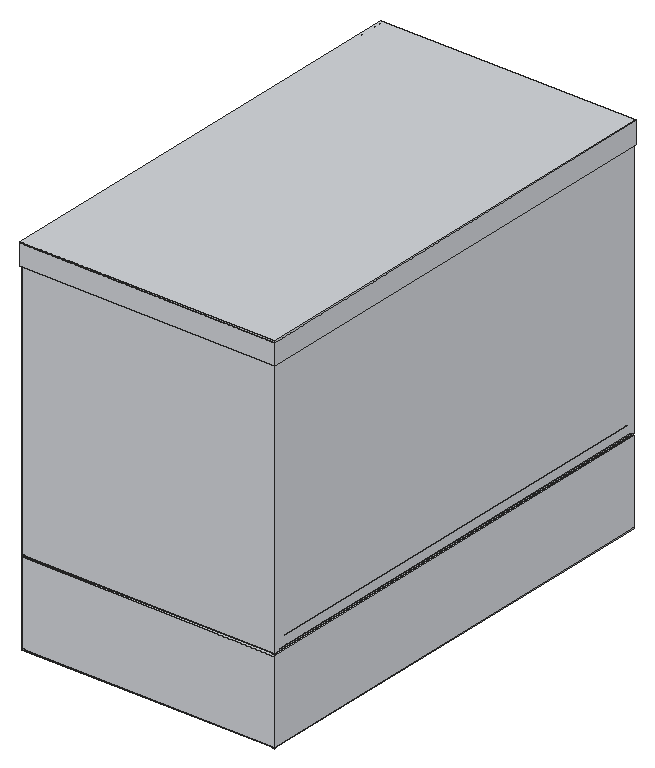
Revit family "C-SR-WTS", category Mechanical Equipment, Revit 2015
Parameters
  URL = "http://unitedenertech.com/catalog/pdf/P_93b%20C-SR-WTS.pdf"
  Type Comments = "Max. Size is (9\"w x 18\"l)"
  Track Length [instance] = Exact Length - 0' 0 3/16"  # 1' - 3 13/16"
  Model = "C-SR-WTS"
  Manufacturer = "United Enertech Corporation"
  Keynote = "Round Inlet Shown, Consult Factory if a Model with an Oval, Square, or Rectangular Inlet is Required."
  Inlet Radius [instance] = 0' - 3 1/2"
  Inlet O.D. [instance] = Inlet Radius + 0' 0 9/256"  # 0' - 3 137/256"
  Exact Width = 0' - 9"
  Exact Length = 1' - 4"
  Description = "Ceiling Radiation Damper for Wood Truss Systems (Single Blade)"
  Blade Height [instance] = Exact Width - 0' 1 1/4"  # 0' - 7 3/4"
Reference planes (in)
  plane 1 "Center (Front/Back)": y = 0
  plane 2: z = 0
  plane 3 "Center (Left/Right)": x = 0
  plane 4: x = -4.5
  plane 5: x = 4.5
  plane 6: y = -8
  plane 7: y = 8
  plane 8: z = 7.75
  plane 9: y = -7.875
  plane 10: y = 7.875
  plane 11: z = 3
  plane 12: z = 13
  plane 13: x = 4.46484
  plane 14: x = 3.45804
  plane 15: z = 3.02844
  plane 16: x = -4.5359
  plane 17: x = 4.5359
  plane 18: y = -8.0359
  plane 19: y = 8.0359
  plane 20: z = 12.25
  plane 21: z = 13.0359
  plane 22: x = -6.5
  plane 23: z = 6.875
Forms (in)
  Extrusion 1, solid
    sketch origin (0, 0, 0) x (1, 0, 0) y (0, 1, 0)
      loop
        line (-4.5, -8) -> (4.5, -8) -> (4.5, 8) -> (-4.5, 8) -> (-4.5, -8)
      loop
        line (-4.5359, -8.0359) -> (4.5359, -8.0359) -> (4.5359, 8.0359) -> (-4.5359, 8.0359) -> (-4.5359, -8.0359)
    from 12.25 to 13
  Extrusion 2, solid
    sketch origin (0, 0, 0) x (1, 0, 0) y (0, 1, 0)
      loop
        line (-4.5359, -8.0359) -> (4.5359, -8.0359) -> (4.5359, 8.0359) -> (-4.5359, 8.0359) -> (-4.5359, -8.0359)
    from 13 to 13.0359
  Extrusion 3, solid
    sketch origin (0, 0, 0) x (0, 1, 0) y (0, 0, 1)
      loop
        circle (0, 6.90344) r 3.5
      loop
        circle (0, 6.90344) r 3.53516
    from -6.5 to -4.5
Dimensions and locks (in)
  equal spacing: plane 4, plane 3 "Center (Left/Right)", plane 5
  "Exact Width": plane 4 to plane 5
  equal spacing: plane 7, plane 1 "Center (Front/Back)", plane 6
  "Exact Length": plane 7 to plane 6
  "Blade Height": plane 8 to level
  locked: plane 9 to plane 6 at 0.125
  locked: plane 10 to plane 7 at 0.125
  locked: plane 11 to level at 3
  locked: plane 12 to plane 11 at 10
  locked: plane 5 to plane 13 at 0.03516
  locked: plane 13 to plane 14 at 1.00681
  locked: plane 15 to level at 3.02844
  locked: plane 16 to plane 4 at 0.0359
  locked: plane 5 to plane 17 at 0.0359
  locked: plane 6 to plane 18 at 0.0359
  locked: plane 7 to plane 19 at 0.0359
  locked: plane 12 to plane 20 at 0.75
  locked: plane 12 to plane 21 at 0.0359
  locked: plane 22 to plane 4 at 2
  "Inlet Radius": radius of Extrusion 3 sketch curve
  "Inlet O.D.": radius of Extrusion 3 sketch curve
  aligned and locked: level to plane 2
  aligned and locked: plane 3 "Center (Left/Right)" to nested 1
  aligned and locked: plane 7 to nested 1
  aligned and locked: plane 6 to nested 2
  aligned and locked: plane 1 "Center (Front/Back)" to nested 3
  aligned and locked: plane 5 to nested 3
  aligned and locked: nested 4 to plane 1 "Center (Front/Back)"
  aligned and locked: plane 13 to nested 4
  aligned and locked: nested 5 to plane 14
  aligned and locked: nested 5 to plane 15
  aligned and locked: plane 1 "Center (Front/Back)" to nested 5
  aligned and locked: Extrusion 1 sketch curve to plane 18
  aligned and locked: Extrusion 1 sketch curve to plane 16
  aligned and locked: Extrusion 1 sketch curve to plane 17
  aligned and locked: Extrusion 1 sketch curve to plane 19
  aligned and locked: plane 7 to Extrusion 1 sketch curve
  aligned and locked: plane 4 to Extrusion 1 sketch curve
  aligned and locked: plane 5 to Extrusion 1 sketch curve
  aligned and locked: Extrusion 1 sketch curve to plane 6
  aligned and locked: Extrusion 1 to plane 12
  aligned and locked: Extrusion 1 to plane 20
  aligned and locked: Extrusion 2 sketch curve to plane 16
  aligned and locked: Extrusion 2 sketch curve to plane 18
  aligned and locked: Extrusion 2 sketch curve to plane 19
  aligned and locked: Extrusion 2 sketch curve to plane 17
  aligned and locked: plane 12 to Extrusion 2
  aligned and locked: Extrusion 2 to plane 21
  aligned and locked: nested 2 to plane 4
  aligned and locked: nested 6 to plane 1 "Center (Front/Back)"
  aligned and locked: plane 4 to nested 6
  aligned and locked: plane 22 to Extrusion 3
  aligned and locked: Extrusion 3 to plane 4
Automatic sketch dimensions
  Extrusion 3 sketch curve to Extrusion 3 sketch curve = 0' - 0"  (x2)
  Extrusion 3 sketch curve to plane 1 "Center (Front/Back)" = 0' - 0"
  Extrusion 3 sketch curve to plane 23 = 0' - 0.02844"
Nested families (in)
  nested 1: "C-SR-WTS FRAME" at (0, 5.96484, -0.25013), type "C-SR-WTS FRAME"
    with Frame Length 0' - 9"
  nested 2: "C-SR-WTS FRAME" at (0, -5.96484, -0.25013), type "C-SR-WTS FRAME"
    with Frame Length 0' - 9"
  nested 3: "C-SR-WTS1 FRAME" at (2.46484, 0, -0.25) x (0, -1, 0) z (0, 0, 1), type "C-SR-WTS1 FRAME"
    with Frame Length 1' - 4"
  nested 4: "C-SR-WTS Track" at (2.88661, 0, 3) x (0, 1, 0) z (0, 0, 1), type "C-SR-WTS Track"
    with Track Length 1' - 3 13/16"
  nested 5: "C-SR-WTS Blade" at (4.49835, 0, 3.02844), type "C-SR-WTS Blade"
    with Blade Length 1' - 3 13/16", Blade Height 0' - 7 3/4"
  nested 6: "C-SR-WTS2 FRAME" at (-2.46484, 0, -0.25013) x (0, 1, 0) z (0, 0, 1), type "C-SR-WTS2 FRAME"
    with Inlet Radius 0' - 3 1/2"
Definition of nested family "C-SR-WTS FRAME"
  Parameters (values of type "C-SR-WTS FRAME")
    Frame Length = 1' - 4"
  Reference planes (in)
    plane 1 "Center (Front/Back)": y = 0
    plane 2: z = 0
    plane 3 "Center (Left/Right)": x = 0
    plane 4: x = -8
    plane 5: x = 8
  Forms (in)
    Extrusion 1, solid
      sketch origin (0, 3.63966, -0.3957) x (0, 1, 0) y (0, 0, 1)
        loop
          line (-1.6045, 3.69103) -> (-1.6045, 13.64584) -> (-1.63966, 13.64584) -> (-1.63966, 3.68066) -> (-2.19698, 3.68799)
          arc (-2.19698, 3.68799) -> (-2.23913, 3.64584) -> (-2.19698, 3.60368) r 0.04215
          line (-2.19698, 3.60368) -> (-1.63966, 3.61061) -> (-1.63966, 0.75024) -> (-1.66408, 0.77073) -> (-1.67798, 0.6889)
          arc (-1.67798, 0.6889) -> (-1.64461, 0.64584) -> (-1.6045, 0.6827) r 0.037
          line (-1.6045, 0.6827) -> (-1.6045, 3.60065)
          arc (-1.6045, 3.60065) -> (-1.61782, 3.6326) -> (-1.64988, 3.64564) r 0.045
          arc (-1.64988, 3.64564) -> (-1.61779, 3.65894) -> (-1.6045, 3.69103) r 0.04538
      from -8 to 8
    Extrusion 2, void
      sketch origin (0, 0, 0) x (1, 0, 0) y (0, 1, 0)
        loop
          line (-8, 2.03516) -> (-8, 0) -> (-5.96484, 0) -> (-8, 2.03516)
      from 0 to 14.25715
    Extrusion 3, void
      sketch origin (0, 0, 0) x (-1, 0, 0) y (0, -1, 0)
        loop
          line (-8, -2.03516) -> (-5.96484, 0) -> (-8, 0) -> (-8, -2.03516)
      from 0 to 14.25715
  Cuts and joins
    Extrusion 2, Extrusion 3 cuts Extrusion 1
  Dimensions and locks (in)
    equal spacing: plane 4, plane 3 "Center (Left/Right)", plane 5
    "Frame Length": plane 4 to plane 5
    aligned and locked: level to plane 2
    aligned and locked: plane 4 to Extrusion 1
    aligned and locked: plane 5 to Extrusion 1
  Automatic sketch dimensions
    plane 1 "Center (Front/Back)" to Extrusion 2 sketch curve = 0' - 0"
    Extrusion 2 sketch curve to plane 4 = 0' - 0"
    Extrusion 2 sketch curve to plane 4 = 0' - 2 9/256"
    Extrusion 2 sketch curve to Extrusion 2 sketch curve = 0' - 2 9/256"
    plane 1 "Center (Front/Back)" to Extrusion 3 sketch curve = 0' - 0"
    Extrusion 3 sketch curve to plane 5 = 0' - 0"
    Extrusion 3 sketch curve to Extrusion 3 sketch curve = 0' - 2 9/256"  (x2)
    level to Extrusion 1 sketch curve = 0' - 3.20798"
    Extrusion 1 sketch curve to plane 1 "Center (Front/Back)" = 0' - 1.44268"
    level to Extrusion 1 sketch curve = 0' - 0.2932"
    Extrusion 1 sketch curve to Extrusion 1 sketch curve = 0' - 0.519"
    level to Extrusion 1 sketch curve = 0' - 0.37502"
    Extrusion 1 sketch curve to Extrusion 1 sketch curve = 0' - 0.0139"
    Extrusion 1 sketch curve to Extrusion 1 sketch curve = 0' - 0.54709"
    Extrusion 1 sketch curve to Extrusion 1 sketch curve = 0' - 0.00038"
    Extrusion 1 sketch curve to Extrusion 1 sketch curve = 0' - 0.03648"
    Extrusion 1 sketch curve to Extrusion 1 sketch curve = 0' - 0.02442"
    Extrusion 1 sketch curve to Extrusion 1 sketch curve = 0' - 0.01023"
    Extrusion 1 sketch curve to Extrusion 1 sketch curve = 0' - 0 9/256"  (x2)
    Extrusion 1 sketch curve to Extrusion 1 sketch curve = 0' - 0.02049"
    Extrusion 1 sketch curve to Extrusion 1 sketch curve = 0' - 2.82992"
    Extrusion 1 sketch curve to Extrusion 1 sketch curve = 0' - 0.00997"
    Extrusion 1 sketch curve to Extrusion 1 sketch curve = 0' - 0.04215"
    Extrusion 1 sketch curve to Extrusion 1 sketch curve = 0' - 0.01036"
    Extrusion 1 sketch curve to Extrusion 1 sketch curve = 0' - 9.95481"
Definition of nested family "C-SR-WTS1 FRAME"
  Parameters (values of type "C-SR-WTS1 FRAME")
    Frame Length = 1' - 2"
  Reference planes (in)
    plane 1 "Center (Front/Back)": y = 0
    plane 2: z = 0
    plane 3 "Center (Left/Right)": x = 0
    plane 4: x = -7
    plane 5: x = 7
  Forms (in)
    Extrusion 1, solid
      sketch origin (0, 3.63966, -0.3957) x (0, 1, 0) y (0, 0, 1)
        loop
          line (-1.6045, 3.69103) -> (-1.6045, 13.64584) -> (-1.63966, 13.64584) -> (-1.63966, 3.68066) -> (-2.19698, 3.68799)
          arc (-2.19698, 3.68799) -> (-2.23913, 3.64584) -> (-2.19698, 3.60368) r 0.04215
          line (-2.19698, 3.60368) -> (-1.63966, 3.61061) -> (-1.63966, 0.75024) -> (-1.66408, 0.77073) -> (-1.67798, 0.6889)
          arc (-1.67798, 0.6889) -> (-1.64461, 0.64584) -> (-1.6045, 0.6827) r 0.037
          line (-1.6045, 0.6827) -> (-1.6045, 3.60065)
          arc (-1.6045, 3.60065) -> (-1.61782, 3.6326) -> (-1.64988, 3.64564) r 0.045
          arc (-1.64988, 3.64564) -> (-1.61779, 3.65894) -> (-1.6045, 3.69103) r 0.04538
      from -7 to 7
    Extrusion 2, void
      sketch origin (0, 0, 0) x (1, 0, 0) y (0, 1, 0)
        loop
          line (-7, 2.03516) -> (-7, 0) -> (-4.96484, 0) -> (-7, 2.03516)
      from 0 to 14.25715
    Extrusion 3, void
      sketch origin (0, 0, 0) x (-1, 0, 0) y (0, -1, 0)
        loop
          line (-7, -2.03516) -> (-4.96484, 0) -> (-7, 0) -> (-7, -2.03516)
      from 0 to 14.25715
  Cuts and joins
    Extrusion 2, Extrusion 3 cuts Extrusion 1
  Dimensions and locks (in)
    equal spacing: plane 4, plane 3 "Center (Left/Right)", plane 5
    "Frame Length": plane 4 to plane 5
    aligned and locked: level to plane 2
    aligned and locked: plane 4 to Extrusion 1
    aligned and locked: plane 5 to Extrusion 1
  Automatic sketch dimensions
    plane 1 "Center (Front/Back)" to Extrusion 2 sketch curve = 0' - 0"
    Extrusion 2 sketch curve to plane 4 = 0' - 0"
    Extrusion 2 sketch curve to plane 4 = 0' - 2 9/256"
    Extrusion 2 sketch curve to Extrusion 2 sketch curve = 0' - 2 9/256"
    plane 1 "Center (Front/Back)" to Extrusion 3 sketch curve = 0' - 0"
    Extrusion 3 sketch curve to plane 5 = 0' - 0"
    Extrusion 3 sketch curve to Extrusion 3 sketch curve = 0' - 2 9/256"  (x2)
    level to Extrusion 1 sketch curve = 0' - 3.20798"
    Extrusion 1 sketch curve to plane 1 "Center (Front/Back)" = 0' - 1.44268"
    level to Extrusion 1 sketch curve = 0' - 0.2932"
    Extrusion 1 sketch curve to Extrusion 1 sketch curve = 0' - 0.519"
    level to Extrusion 1 sketch curve = 0' - 0.37502"
    Extrusion 1 sketch curve to Extrusion 1 sketch curve = 0' - 0.0139"
    Extrusion 1 sketch curve to Extrusion 1 sketch curve = 0' - 0.54709"
    Extrusion 1 sketch curve to Extrusion 1 sketch curve = 0' - 0.00038"
    Extrusion 1 sketch curve to Extrusion 1 sketch curve = 0' - 0.03648"
    Extrusion 1 sketch curve to Extrusion 1 sketch curve = 0' - 0.02442"
    Extrusion 1 sketch curve to Extrusion 1 sketch curve = 0' - 0.01023"
    Extrusion 1 sketch curve to Extrusion 1 sketch curve = 0' - 0 9/256"  (x2)
    Extrusion 1 sketch curve to Extrusion 1 sketch curve = 0' - 0.02049"
    Extrusion 1 sketch curve to Extrusion 1 sketch curve = 0' - 2.82992"
    Extrusion 1 sketch curve to Extrusion 1 sketch curve = 0' - 0.00997"
    Extrusion 1 sketch curve to Extrusion 1 sketch curve = 0' - 0.04215"
    Extrusion 1 sketch curve to Extrusion 1 sketch curve = 0' - 0.01036"
    Extrusion 1 sketch curve to Extrusion 1 sketch curve = 0' - 9.95481"
Definition of nested family "C-SR-WTS Track"
  Parameters (values of type "C-SR-WTS Track")
    Track Length = 0' - 11 13/16"
  Reference planes (in)
    plane 1 "Center (Front/Back)": y = 0
    plane 2: z = 0
    plane 3 "Center (Left/Right)": x = 0
    plane 4: x = -5.90625
    plane 5: x = 5.90625
    plane 6: x = -5.94215
    plane 7: x = 5.94215
    plane 8: z = 0.5
    plane 9: y = -0.7897
    plane 10: y = -1.2897
    plane 11: x = 5.40625
    plane 12: x = -5.40625
  Forms (in)
    Extrusion 1, solid
      sketch origin (0, 2.51089, -1.29923) x (0, 1, 0) y (0, 0, 1)
        loop
          arc (-4.08686, 1.38584) -> (-4.07159, 1.34585) -> (-4.03355, 1.32622) r 0.06
          arc (-4.03355, 1.32622) -> (-3.79245, 1.30598) -> (-3.55059, 1.29923) r 4.33445
          arc (-3.55059, 1.29923) -> (-3.30873, 1.30598) -> (-3.06763, 1.32622) r 4.33445
          arc (-3.06763, 1.32622) -> (-3.03891, 1.3374) -> (-3.01954, 1.36136) r 0.06
          arc (-3.01954, 1.36136) -> (-3.0102, 1.49991) -> (-3.09301, 1.61139) r 0.2008
          arc (-3.09301, 1.61139) -> (-3.14853, 1.61336) -> (-3.18187, 1.56892) r 0.06
          line (-3.18187, 1.56892) -> (-3.20309, 1.43923) -> (-3.16839, 1.43355) -> (-3.14717, 1.56324)
          arc (-3.14717, 1.56324) -> (-3.13377, 1.58144) -> (-3.11117, 1.58126) r 0.02484
          arc (-3.11117, 1.58126) -> (-3.04188, 1.48234) -> (-3.05816, 1.36268) r 0.16564
          arc (-3.05816, 1.36268) -> (-3.30397, 1.34146) -> (-3.55059, 1.33438) r 4.2993
          arc (-3.55059, 1.33438) -> (-3.79721, 1.34146) -> (-4.04302, 1.36268) r 4.2993
          arc (-4.04302, 1.36268) -> (-4.0593, 1.48234) -> (-3.99001, 1.58126) r 0.16564
          arc (-3.99001, 1.58126) -> (-3.9674, 1.58144) -> (-3.95401, 1.56324) r 0.02484
          line (-3.95401, 1.56324) -> (-3.93278, 1.43355) -> (-3.89809, 1.43923) -> (-3.91931, 1.56892)
          arc (-3.91931, 1.56892) -> (-3.95265, 1.61336) -> (-4.00817, 1.61139) r 0.06
          arc (-4.00817, 1.61139) -> (-4.05763, 1.56553) -> (-4.08912, 1.50588) r 0.2008
          line (-4.08912, 1.50588) -> (-4.08912, 1.38584)
      from -5.90625 to 5.90625
    Extrusion 2, solid
      sketch origin (2.39415, 1.36935, 0) x (1, 0, 0) y (0, 1, 0)
        loop
          line (-8.3363, -2.65905) -> (-8.3004, -2.65905) -> (-8.3004, -2.15905) -> (-8.3363, -2.15905) -> (-8.3363, -2.65905)
      from 0 to 0.5
    Extrusion 3, solid
      sketch origin (-2.39415, 1.36935, 0) x (-1, 0, 0) y (0, -1, 0)
        loop
          line (-8.3363, 2.65905) -> (-8.3363, 2.15905) -> (-8.3004, 2.15905) -> (-8.3004, 2.65905) -> (-8.3363, 2.65905)
      from 0 to 0.5
    Extrusion 4, solid
      sketch origin (0, 0, 0) x (0, 1, 0) y (0, 0, 1)
        loop
          line (-0.7897, 0.5) -> (-1.2897, 0.5) -> (-1.2897, 0.4641) -> (-0.7897, 0.4641) -> (-0.7897, 0.5)
      from 5.40625 to 5.90625
    Extrusion 5, solid
      sketch origin (0, 0, 0) x (0, 1, 0) y (0, 0, -1)
        loop
          line (-0.7897, -0.5) -> (-0.7897, -0.4641) -> (-1.2897, -0.4641) -> (-1.2897, -0.5) -> (-0.7897, -0.5)
      from 5.40625 to 5.90625
  Dimensions and locks (in)
    equal spacing: plane 4, plane 3 "Center (Left/Right)", plane 5
    "Track Length": plane 4 to plane 5
    locked: plane 5 to plane 7 at 0.0359
    locked: plane 6 to plane 4 at 0.0359
    locked: plane 8 to level at 0.5
    locked: plane 11 to plane 5 at 0.5
    locked: plane 4 to plane 12 at 0.5
    aligned and locked: level to plane 2
    aligned and locked: plane 4 to Extrusion 1
    aligned and locked: plane 5 to Extrusion 1
    aligned and locked: Extrusion 2 to plane 4
    aligned and locked: Extrusion 3 to plane 5
    aligned and locked: plane 8 to Extrusion 2
    aligned and locked: plane 8 to Extrusion 3
    aligned and locked: plane 11 to Extrusion 4
    aligned and locked: plane 5 to Extrusion 4
    aligned and locked: plane 12 to Extrusion 5
    aligned and locked: plane 4 to Extrusion 5
  Automatic sketch dimensions
    Extrusion 2 sketch curve to plane 6 = 0' - 0"
    Extrusion 2 sketch curve to plane 4 = 0' - 0"
    Extrusion 2 sketch curve to plane 10 = 0' - 0"
    Extrusion 2 sketch curve to plane 9 = 0' - 0"
    Extrusion 3 sketch curve to plane 7 = 0' - 0"
    Extrusion 3 sketch curve to plane 5 = 0' - 0"
    Extrusion 3 sketch curve to plane 10 = 0' - 0"
    Extrusion 3 sketch curve to plane 9 = 0' - 0"
    Extrusion 4 sketch curve to plane 8 = 0' - 0"
    Extrusion 4 sketch curve to plane 10 = 0' - 0"
    Extrusion 4 sketch curve to plane 9 = 0' - 0"
    Extrusion 4 sketch curve to Extrusion 4 sketch curve = 0' - 0.0359"
    Extrusion 5 sketch curve to plane 8 = 0' - 0"
    Extrusion 5 sketch curve to plane 10 = 0' - 0"
    Extrusion 5 sketch curve to plane 9 = 0' - 0"
    Extrusion 5 sketch curve to Extrusion 5 sketch curve = 0' - 0.0359"
    Extrusion 1 sketch curve to Extrusion 1 sketch curve = 0' - 0"  (x14)
    Extrusion 1 sketch curve to level = 0' - 0"
    level to Extrusion 1 sketch curve = 0' - 0.08662"  (x3)
    Extrusion 1 sketch curve to plane 10 = 0' - 0.17794"
    Extrusion 1 sketch curve to Extrusion 1 sketch curve = 0' - 0.02452"  (x2)
    Extrusion 1 sketch curve to Extrusion 1 sketch curve = 0' - 0.09408"  (x2)
    Extrusion 1 sketch curve to Extrusion 1 sketch curve = 0' - 0.03469"  (x3)
    Extrusion 1 sketch curve to Extrusion 1 sketch curve = 0' - 0.03446"
    Extrusion 1 sketch curve to Extrusion 1 sketch curve = 0' - 0.00023"  (x2)
    Extrusion 1 sketch curve to plane 9 = 0' - 0 1/4"
    plane 9 to Extrusion 1 sketch curve = 0' - 0.0975"
    plane 9 to Extrusion 1 sketch curve = 0' - 0.11872"
    Extrusion 1 sketch curve to Extrusion 1 sketch curve = 0' - 0.04771"  (x2)
    Extrusion 1 sketch curve to Extrusion 1 sketch curve = 0' - 0.00568"  (x2)
    Extrusion 1 sketch curve to Extrusion 1 sketch curve = 0' - 0.00408"  (x2)
    Extrusion 1 sketch curve to Extrusion 1 sketch curve = 0' - 0.00401"  (x2)
    Extrusion 1 sketch curve to Extrusion 1 sketch curve = 0' - 0.01616"
    Extrusion 1 sketch curve to Extrusion 1 sketch curve = 0' - 0.00226"
    Extrusion 1 sketch curve to Extrusion 1 sketch curve = 0' - 0.01148"  (x2)
    Extrusion 1 sketch curve to Extrusion 1 sketch curve = 0' - 0.01817"  (x2)
    Extrusion 1 sketch curve to Extrusion 1 sketch curve = 0' - 0.10551"
    Extrusion 1 sketch curve to Extrusion 1 sketch curve = 0' - 0.04384"
Definition of nested family "C-SR-WTS Blade"
  Parameters (values of type "C-SR-WTS Blade")
    Blade Length = 1' - 0"
    Blade Height = 0' - 8"
  Reference planes (in)
    plane 1 "Center (Front/Back)": y = 0
    plane 2: z = 0
    plane 3 "Center (Left/Right)": x = 0
    plane 4: z = 8
    plane 5: y = -6
    plane 6: y = 6
  Forms (in)
    Extrusion 1, solid
      sketch origin (2.64253, -2.125, -3.22218) x (-1, 0, 0) y (0, 0, -1)
        loop
          arc (3.67769, -3.31415) -> (3.66114, -3.25905) -> (3.61697, -3.22218) r 0.1
          line (3.61697, -3.22218) -> (3.49156, -3.22218)
          arc (3.49156, -3.22218) -> (3.34971, -3.4425) -> (3.54769, -3.61415) r 0.2
          arc (3.54769, -3.61415) -> (3.6184, -3.64343) -> (3.64769, -3.71415) r 0.1
          line (3.64769, -3.71415) -> (3.64769, -11.22218) -> (3.68285, -11.22218) -> (3.68285, -3.71415)
          arc (3.68285, -3.71415) -> (3.64326, -3.61858) -> (3.54769, -3.57899) r 0.13516
          arc (3.54769, -3.57899) -> (3.38487, -3.43989) -> (3.49684, -3.25734) r 0.16484
          line (3.49684, -3.25734) -> (3.60896, -3.25734)
          arc (3.60896, -3.25734) -> (3.63351, -3.28115) -> (3.64253, -3.31415) r 0.06484
          line (3.64253, -3.31415) -> (3.64253, -3.45261) -> (3.67769, -3.45261) -> (3.67769, -3.31415)
      from -8.125 to 3.875
  Dimensions and locks (in)
    "Blade Height": plane 4 to level
    equal spacing: plane 6, plane 1 "Center (Front/Back)", plane 5
    "Blade Length": plane 6 to plane 5
    aligned and locked: level to plane 2
    aligned and locked: plane 4 to Extrusion 1 sketch curve
    aligned and locked: plane 6 to Extrusion 1
    aligned and locked: Extrusion 1 to plane 5
  Automatic sketch dimensions
    Extrusion 1 sketch curve to Extrusion 1 sketch curve = 0' - 0"  (x5)
    Extrusion 1 sketch curve to level = 0' - 0"
    plane 3 "Center (Left/Right)" to Extrusion 1 sketch curve = 0' - 0.84902"
    Extrusion 1 sketch curve to Extrusion 1 sketch curve = 0' - 0.00528"
    Extrusion 1 sketch curve to Extrusion 1 sketch curve = 0' - 0.05085"
    Extrusion 1 sketch curve to Extrusion 1 sketch curve = 0' - 0.08085"
    Extrusion 1 sketch curve to level = 0' - 0 9/256"
    Extrusion 1 sketch curve to Extrusion 1 sketch curve = 0' - 0.03127"
    Extrusion 1 sketch curve to Extrusion 1 sketch curve = 0' - 0.00801"
    Extrusion 1 sketch curve to Extrusion 1 sketch curve = 0' - 0.09484"
    plane 3 "Center (Left/Right)" to Extrusion 1 sketch curve = 0' - 1.00516"
    Extrusion 1 sketch curve to Extrusion 1 sketch curve = 0' - 0 9/256"
    Extrusion 1 sketch curve to Extrusion 1 sketch curve = 0' - 0.1"  (x2)
    Extrusion 1 sketch curve to Extrusion 1 sketch curve = 0' - 0.03847"
Definition of nested family "C-SR-WTS2 FRAME"
  Parameters (values of type "C-SR-WTS2 FRAME")
    Inlet Radius = 0' - 4 1/4"
    Frame Length = 1' - 4"
  Reference planes (in)
    plane 1 "Center (Front/Back)": y = 0
    plane 2: z = 0
    plane 3 "Center (Left/Right)": x = 0
    plane 4: x = -8
    plane 5: x = 8
  Forms (in)
    Extrusion 1, solid
      sketch origin (0, 3.63966, -0.3957) x (0, 1, 0) y (0, 0, 1)
        loop
          line (-1.6045, 3.69103) -> (-1.6045, 13.64584) -> (-1.63966, 13.64584) -> (-1.63966, 3.68066) -> (-2.19698, 3.68799)
          arc (-2.19698, 3.68799) -> (-2.23913, 3.64584) -> (-2.19698, 3.60368) r 0.04215
          line (-2.19698, 3.60368) -> (-1.63966, 3.61061) -> (-1.63966, 0.75024) -> (-1.66408, 0.77073) -> (-1.67798, 0.6889)
          arc (-1.67798, 0.6889) -> (-1.64461, 0.64584) -> (-1.6045, 0.6827) r 0.037
          line (-1.6045, 0.6827) -> (-1.6045, 3.60065)
          arc (-1.6045, 3.60065) -> (-1.61782, 3.6326) -> (-1.64988, 3.64564) r 0.045
          arc (-1.64988, 3.64564) -> (-1.61779, 3.65894) -> (-1.6045, 3.69103) r 0.04538
      from -8 to 8
    Extrusion 2, void
      sketch origin (0, 0, 0) x (1, 0, 0) y (0, 1, 0)
        loop
          line (-8, 2.03516) -> (-8, 0) -> (-5.96484, 0) -> (-8, 2.03516)
      from 0 to 14.25715
    Extrusion 3, void
      sketch origin (0, 0, 0) x (-1, 0, 0) y (0, -1, 0)
        loop
          line (-8, -2.03516) -> (-5.96484, 0) -> (-8, 0) -> (-8, -2.03516)
      from 0 to 14.25715
    Extrusion 4, void
      sketch origin (0, 0, 0) x (1, 0, 0) y (0, 0, 1)
        loop
          circle (0, 7.12513) r 4.25
      from -4.17757 to 12
  Cuts and joins
    Extrusion 2, Extrusion 3, Extrusion 4 cuts Extrusion 1
  Dimensions and locks (in)
    equal spacing: plane 4, plane 3 "Center (Left/Right)", plane 5
    "Frame Length": plane 4 to plane 5
    "Inlet Radius": radius of Extrusion 4 sketch curve
    aligned and locked: level to plane 2
    aligned and locked: plane 4 to Extrusion 1
    aligned and locked: plane 5 to Extrusion 1
  Automatic sketch dimensions
    plane 1 "Center (Front/Back)" to Extrusion 2 sketch curve = 0' - 0"
    Extrusion 2 sketch curve to plane 4 = 0' - 0"
    Extrusion 2 sketch curve to plane 4 = 0' - 2 9/256"
    Extrusion 2 sketch curve to Extrusion 2 sketch curve = 0' - 2 9/256"
    plane 1 "Center (Front/Back)" to Extrusion 3 sketch curve = 0' - 0"
    Extrusion 3 sketch curve to plane 5 = 0' - 0"
    Extrusion 3 sketch curve to Extrusion 3 sketch curve = 0' - 2 9/256"  (x2)
    level to Extrusion 1 sketch curve = 0' - 3.20798"
    Extrusion 1 sketch curve to plane 1 "Center (Front/Back)" = 0' - 1.44268"
    level to Extrusion 1 sketch curve = 0' - 0.2932"
    Extrusion 1 sketch curve to Extrusion 1 sketch curve = 0' - 0.519"
    level to Extrusion 1 sketch curve = 0' - 0.37502"
    Extrusion 1 sketch curve to Extrusion 1 sketch curve = 0' - 0.0139"
    Extrusion 1 sketch curve to Extrusion 1 sketch curve = 0' - 0.54709"
    Extrusion 1 sketch curve to Extrusion 1 sketch curve = 0' - 0.00038"
    Extrusion 1 sketch curve to Extrusion 1 sketch curve = 0' - 0.03648"
    Extrusion 1 sketch curve to Extrusion 1 sketch curve = 0' - 0.02442"
    Extrusion 1 sketch curve to Extrusion 1 sketch curve = 0' - 0.01023"
    Extrusion 1 sketch curve to Extrusion 1 sketch curve = 0' - 0 9/256"  (x2)
    Extrusion 1 sketch curve to Extrusion 1 sketch curve = 0' - 0.02049"
    Extrusion 1 sketch curve to Extrusion 1 sketch curve = 0' - 2.82992"
    Extrusion 1 sketch curve to Extrusion 1 sketch curve = 0' - 0.00997"
    Extrusion 1 sketch curve to Extrusion 1 sketch curve = 0' - 0.04215"
    Extrusion 1 sketch curve to Extrusion 1 sketch curve = 0' - 0.01036"
    Extrusion 1 sketch curve to Extrusion 1 sketch curve = 0' - 9.95481"
    Extrusion 4 sketch curve to plane 3 "Center (Left/Right)" = 0' - 0"
    level to Extrusion 4 sketch curve = 0' - 7.12513"
